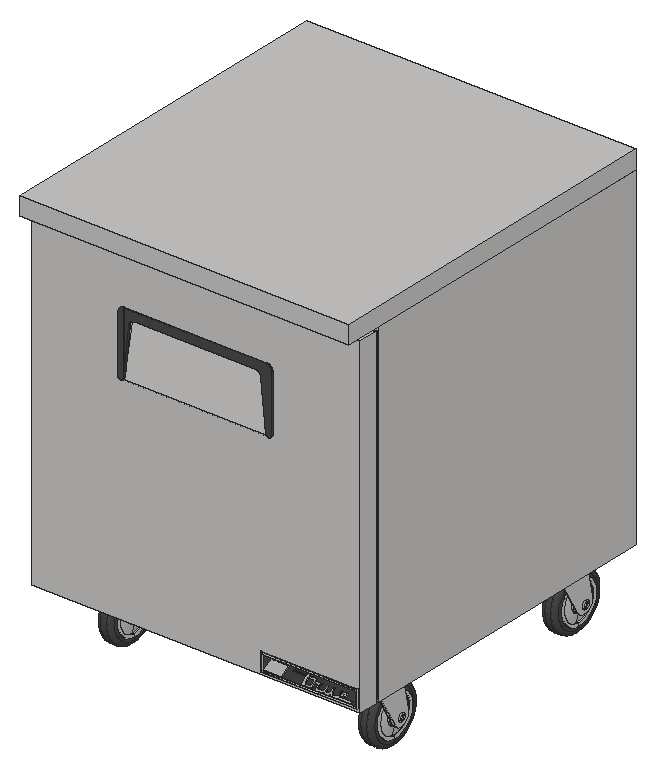
Revit family "QF_TRUE_TUC-27-HC_cat", category Specialty Equipment, Revit 2016
Family settings
  Part Type = Normal
  Round Connector Dimension = Use Diameter
  Work Plane-Based = No
  Always vertical = Yes
  Cut with Voids When Loaded = No
  Shared = Yes
  Room Calculation Point = No
Parameters
  Weight in Pounds = 195
  Watts = FL Amps * Volts  # 230 W
  Volts = 115 V
  URL Manufacturer = "www.truemfg.com"
  URL = "www.truemfg.com"
  Type Mark [instance] = ""
  Status [instance] = ""
  Specification by User [instance] = ""
  Specification by Manufacturer = ""
  Show Seismic Flanged [instance] = no
  Show Low Profile Model [instance] = no
  Show Logo [instance] = yes
  Show Legs [instance] = no
  Show Clearance [instance] = yes
  Show Default Model [instance] = and(not(Show Seismic Flanged), not(Show ADA Compliant Model), not(Show Low Profile Model), not(Show Legs))  # yes
  Show ADA Compliant Model [instance] = no
  Serial Number = ""
  Seismic Rating = ""
  Seismic Plate [instance] = and(not(Show Default Model), Show Seismic Flanged)  # no
  SMACNA No = ""
  Revision Code [instance] = ""
  Phase = 1
  Omniclass Number and Title = ""
  Number of Poles [instance] = 1
  NAFEM Spec ID Number = ""
  Model = "TUC-27-HC"
  Min Ckt Ampacity = 0 A
  Max Overcurrent Protection = 0 A
  MasterSpec. = ""
  Manufacturer = "TRUE"
  Low Profile [instance] = and(not(Show Default Model), Show Low Profile Model)  # no
  Length = 27 9/16"
  Legs [instance] = and(not(Show Default Model), or(Show Legs, Show Seismic Flanged))  # no
  Item Number [instance] = ""
  Installed By [instance] = ""
  Identify Quantity as Lot [instance] = yes
  Height = 35 15/16"
  HP = "1/6"
  Furnished By [instance] = ""
  Foodservice Equipment Identifier [instance] = yes
  FL Amps = 2 A
  Electrical Remarks [instance] = ""
  Electric Connection Type [instance] = ""
  Elec Conn RI Height [instance] = 0"
  Elec Conn Connection Height [instance] = 0"
  Description = "SOLID DOOR REFRIGERATOR WITH HYDROCARBON REFRIGERANT"
  Depth = 30 1/8"
  Cycle = 60 Hz
  Conn Plug = "NEMA 5-15P"
  Conn Conduit = yes
  CSI MasterFormat = ""
  CSI Master Format = ""
  Base Height [instance] = if(Show Default Model, 6 3/16", if(Legs, 6", if(ADA Compliant Model, 4 1/4", if(Show Low Profile Model, 2 1/8", 6 67/256"))))  # 6 3/16"
  Apparent Power = if(Phase = 3, Volts * FL Amps * 1.73, Volts * FL Amps)  # 230 VA
  ADA Compliant Model [instance] = and(not(Show Default Model), Show ADA Compliant Model)  # no
Reference planes (in)
  plane 1 "BACK": y = -16.5
  plane 2: z = 0
  plane 3 "LEFT": x = 0
  plane 4 "RIGHT": x = 27.5625
  plane 5 "FRONT": y = -47.625
  plane 6 "TOP": z = 35.9375
  plane 7: z = 6.1875
  plane 8: y = -72.40625
  plane 9: y = -46.65748
  plane 10: y = -17.5
  plane 11: y = -21.74082
  plane 12: x = 13.8125
  plane 13: y = -41.06531
Dimensions and locks (in)
  "Length": plane 3 "LEFT" to plane 4 "RIGHT"
  "Depth": plane 5 "FRONT" to plane 10
  "Base Height": plane 7 to level
  plane 1 "BACK" to plane 8 = 55 29/32"
  plane 9 to plane 5 "FRONT" = 0.96752"
  plane 10 to plane 9 = 29.15748"
  plane 4 "RIGHT" to plane 3 "LEFT" = 27 9/16"
  plane 4 "RIGHT" to nested 1 to nested 1 = 8.2372", 7 7/8"
  plane 7 to nested 1 = 1.69291"
  nested 1 to plane 7 = 1.69291"
  plane 8 to plane 5 "FRONT" to plane 10 to plane 1 "BACK" = 24 25/32", 30 1/8", 1"
  plane 8 to plane 1 "BACK" = 55 29/32"
  locked: plane 6 "TOP" to plane 7 at 29.75
  plane 6 "TOP" to level = 35 15/16"
  plane 1 "BACK" to plane 10 = 1"
  aligned and locked: level to plane 2
  aligned and locked: plane 3 "LEFT" to nested 1
  aligned and locked: plane 7 to nested 1
  aligned and locked: nested 1 to plane 7
Nested families (in)
  nested 1: "TUC-27F-HC-LD" at (0, 0, 2.1875), Show Logo <- "Show Logo", Show Clearance <- "Show Clearance", Show Casters <- "Show ADA Compliant Model", type "TUC-27F-HC-LD"
    with Show Logo yes, Show Clearance yes, Show Casters no
  nested 2: "CASTERS & LEGS" at (2.84375, -21.74082, 0), Legs <- "Legs", Seismic Plate <- "Seismic Plate", Show 4.25" Casters <- "ADA Compliant Model", type "CASTERS & LEGS"
    with Type Mark "", Status "", Specification by User "", Show 4.25" Casters no, Seismic Plate no, Revision Code "", Legs no, Item Number "", Installed By "", Identify Quantity as Lot yes, Furnished By "", Foodservice Equipment Identifier yes
  nested 3: "CASTERS & LEGS" at (24.71875, -21.74082, 0), Legs <- "Legs", Seismic Plate <- "Seismic Plate", Show 4.25" Casters <- "ADA Compliant Model", type "CASTERS & LEGS"
    with Type Mark "", Status "", Specification by User "", Show 4.25" Casters no, Seismic Plate no, Revision Code "", Legs no, Item Number "", Installed By "", Identify Quantity as Lot yes, Furnished By "", Foodservice Equipment Identifier yes
  nested 4: "CASTERS & LEGS" at (24.71875, -41.06531, 0), Legs <- "Legs", Seismic Plate <- "Seismic Plate", Show 4.25" Casters <- "ADA Compliant Model", type "CASTERS & LEGS"
    with Type Mark "", Status "", Specification by User "", Show 4.25" Casters no, Seismic Plate no, Revision Code "", Legs no, Item Number "", Installed By "", Identify Quantity as Lot yes, Furnished By "", Foodservice Equipment Identifier yes
  nested 5: "CASTERS & LEGS" at (2.84375, -41.06531, 0), Legs <- "Legs", Seismic Plate <- "Seismic Plate", Show 4.25" Casters <- "ADA Compliant Model", type "CASTERS & LEGS"
    with Type Mark "", Status "", Specification by User "", Show 4.25" Casters no, Seismic Plate no, Revision Code "", Legs no, Item Number "", Installed By "", Identify Quantity as Lot yes, Furnished By "", Foodservice Equipment Identifier yes
  nested 6: "6 INCHES 02_CASTER" at (2.84375, -41.06531, 0), Show Casters <- "Show Default Model", type "6 INCHES 02_CASTER"
    with Type Mark "", Specification by User "", Show Casters yes, Revision Code "", Item Number "", Installed By "", Identify Quantity as Lot yes, Furnished By "", Foodservice Equipment Identifier yes
  nested 7: "6 INCHES 02_CASTER" at (2.84375, -21.74082, 0), Show Casters <- "Show Default Model", type "6 INCHES 02_CASTER"
    with Type Mark "", Specification by User "", Show Casters yes, Revision Code "", Item Number "", Installed By "", Identify Quantity as Lot yes, Furnished By "", Foodservice Equipment Identifier yes
  nested 8: "6 INCHES 02_CASTER" at (24.71875, -41.06531, 0), Show Casters <- "Show Default Model", type "6 INCHES 02_CASTER"
    with Type Mark "", Specification by User "", Show Casters yes, Revision Code "", Item Number "", Installed By "", Identify Quantity as Lot yes, Furnished By "", Foodservice Equipment Identifier yes
  nested 9: "6 INCHES 02_CASTER" at (24.71875, -21.74082, 0), Show Casters <- "Show Default Model", type "6 INCHES 02_CASTER"
    with Type Mark "", Specification by User "", Show Casters yes, Revision Code "", Item Number "", Installed By "", Identify Quantity as Lot yes, Furnished By "", Foodservice Equipment Identifier yes
  nested 10: "LOW PROFILE CASTERS" at (2.84375, -21.74082, 0), Show Casters <- "Low Profile", type "LOW PROFILE CASTERS"
    with Type Mark "", Status "", Specification by User "", Show Casters no, Revision Code "", Item Number "", Installed By "", Identify Quantity as Lot yes, Furnished By "", Foodservice Equipment Identifier yes
  nested 11: "LOW PROFILE CASTERS" at (24.71875, -41.06531, 0), Show Casters <- "Low Profile", type "LOW PROFILE CASTERS"
    with Type Mark "", Status "", Specification by User "", Show Casters no, Revision Code "", Item Number "", Installed By "", Identify Quantity as Lot yes, Furnished By "", Foodservice Equipment Identifier yes
  nested 12: "LOW PROFILE CASTERS" at (2.84375, -41.06531, 0), Show Casters <- "Low Profile", type "LOW PROFILE CASTERS"
    with Type Mark "", Status "", Specification by User "", Show Casters no, Revision Code "", Item Number "", Installed By "", Identify Quantity as Lot yes, Furnished By "", Foodservice Equipment Identifier yes
  nested 13: "LOW PROFILE CASTERS" at (24.71875, -21.74082, 0), Show Casters <- "Low Profile", type "LOW PROFILE CASTERS"
    with Type Mark "", Status "", Specification by User "", Show Casters no, Revision Code "", Item Number "", Installed By "", Identify Quantity as Lot yes, Furnished By "", Foodservice Equipment Identifier yes
Connectors (in)
  electrical at (24.12821, -17.4375, 11.9375), driven by "Volts", driven by "Watts"
    settings: on nested 1, index 1, voltage 115 V, apparent load 230 VA, apparent load phase1 0 VA, apparent load phase2 0 VA, apparent load phase3 0 VA, power factor 1, load classification "Other", number of poles 1, system type 30, power factor state 1, is connector primary yes, connector utility no, sub classification motor no, connector description "ELECTRICAL CONNECTION"
Definition of nested family "TUC-27F-HC-LD"
  Parameters (values of type "TUC-27G-HC-LD-SPEC1")
    URL = ""
    Show Logo [instance] = yes
    Show Clearance [instance] = yes
    Show Casters [instance] = yes
    Model = ""
    Manufacturer = ""
    Description = ""
    Assembly Code = ""
  Reference planes (in)
    plane 1 "BACK": y = -16.5
    plane 2: z = 0
    plane 3 "LEFT": x = 0
    plane 4 "RIGHT": x = 27.6378
    plane 5 "FRONT": y = -48.19291
    plane 6 "TOP": z = 33.76378
    plane 7: z = 4
    plane 8: y = -41.06531
    plane 9: x = 13.8125
    plane 10: y = -17.5
    plane 11: y = -47.625
    plane 12: y = -49.49213
    plane 13: y = -72.625
    plane 14: z = 27.63
    plane 15: z = 22.15093
  Forms (in)
    Extrusion 1, solid
      sketch origin (0, -1, -2.25) x (0, 1, 0) y (0, 0, 1)
        loop
          line (-46.625, 36.01378) -> (-46.625, 34.5) -> (-16.5, 34.5) -> (-16.5, 36.01378) -> (-46.625, 36.01378)
      from 0 to 27.6378
    Extrusion 2, solid
      sketch origin (0, -1, -2.25) x (0, 1, 0) y (0, 0, 1)
        loop
          line (-18.5, 34.5) -> (-18.5, 6.25) -> (-16.5, 6.25) -> (-16.5, 34.5) -> (-18.5, 34.5)
      from 0 to 27.6378
    Extrusion 3, solid
      sketch origin (0, -13.375, -2.25) x (1, 0, 0) y (0, 0, 1)
        loop
          line (27.625, 6.25) -> (27.625, 34.28323) -> (0, 34.28323) -> (0, 6.25) -> (27.625, 6.25)
      from 31.44201 to 33.06791
    Extrusion 4, solid
      sketch origin (0, -16.5, -2.25) x (1, 0, 0) y (0, 0, 1)
        loop
          line (11.4503, 6.25) -> (11.4503, 4.55709) -> (19.3253, 4.55709) -> (19.3253, 6.25) -> (11.4503, 6.25)
      from 1.69409 to 25.59055
    Extrusion 5, solid
      sketch origin (-1.16554, -17.4375, -2.25) x (1, 0, 0) y (0, 0, 1)
        loop
          circle (25.29375, 12) r 0.25
      from 0 to 0.0625
    Revolve 6, solid
      sketch origin (0, -16.5155, 21) x (1, 0, 0) y (0, 1, 0)
        loop
          line (21.85203, -1.00812) -> (22.32078, -1.00812) -> (22.32078, 0.0155) -> (21.85203, 0.0155) -> (21.85203, -1.00812)
        axis (21.85203, -1.00812) -> (21.85203, 0.0155)
      angle from 0 to 360
    Revolve 7, solid
      sketch origin (-12.93057, -16.5155, 21) x (1, 0, 0) y (0, 1, 0)
        loop
          line (18.64104, -1.00812) -> (19.10979, -1.00812) -> (19.10979, 0.0155) -> (18.64104, 0.0155) -> (18.64104, -1.00812)
        axis (18.64104, -1.00812) -> (18.64104, 0.0155)
      angle from 0 to 360
    Extrusion 8, solid, visible <- "Show Clearance", detail levels coarse
      sketch origin (17.8682, -37.72639, 0) x (-1, 0, 0) y (0, -1, 0)
        loop
          line (-9.7568, 8.71653) -> (17.83136, 8.71653)
          arc (17.83136, 8.71653) -> (9.26611, 27.32206) -> (-9.7568, 34.91535) r 27.625
          line (-9.7568, 34.91535) -> (-9.7568, 8.71653)
      from 4 to 32.03323
    Extrusion 9, solid
      sketch origin (0, -13.375, -2.25) x (1, 0, 0) y (0, 0, 1)
        loop
          line (27.6378, 6.25) -> (27.6378, 34.5) -> (0, 34.5) -> (0, 6.25) -> (27.6378, 6.25)
        loop
          line (2, 32.28323) -> (2, 8.25) -> (25.625, 8.25) -> (25.625, 32.28323) -> (2, 32.28323)
      from 6.125 to 31.12
    Extrusion 10, solid
      sketch origin (0, -13.375, -2.25) x (1, 0, 0) y (0, 0, 1)
        loop
          line (27.5, 34.15823) -> (0.16184, 34.15823) -> (0.16184, 6.375) -> (27.5, 6.375) -> (27.5, 34.15823)
        loop
          line (1.875, 32.40823) -> (1.875, 8.125) -> (25.75, 8.125) -> (25.75, 32.40823) -> (1.875, 32.40823)
      from 31.44201 to 31.12
    Extrusion 11, void
      sketch origin (13.8125, -13.85001, 48) x (0, -1, 0) y (0, 0, 1)
        loop
          line (32.59291, -20.37) -> (31.52391, -20.37) -> (32.59291, -25.84907) -> (32.59291, -20.37)
      from -6 to 6
    Extrusion 12, solid
      sketch origin (1.8125, -46.44291, 0) x (1, 0, 0) y (0, 0, 1)
        loop
          line (5.52833, 27.13) -> (5.52833, 22.36054)
          arc (5.52833, 22.36054) -> (5.74774, 22.11831) -> (6.01044, 22.31274) r 0.24342
          line (6.01044, 22.31274) -> (6.44945, 26.42717)
          arc (6.44945, 26.42717) -> (6.61215, 26.74648) -> (6.94671, 26.87491) r 0.5
          line (6.94671, 26.87491) -> (17.05329, 26.87491)
          arc (17.05329, 26.87491) -> (17.38785, 26.74648) -> (17.55055, 26.42717) r 0.5
          line (17.55055, 26.42717) -> (17.98956, 22.31274)
          arc (17.98956, 22.31274) -> (18.25226, 22.11831) -> (18.47166, 22.36054) r 0.24342
          line (18.47166, 22.36054) -> (18.47166, 27.13)
          arc (18.47166, 27.13) -> (18.32522, 27.48356) -> (17.97166, 27.63) r 0.5
          line (17.97166, 27.63) -> (6.02833, 27.63)
          arc (6.02833, 27.63) -> (5.67478, 27.48356) -> (5.52833, 27.13) r 0.5
      from 0 to 0.0625
  Cuts and joins
    joined: Extrusion 2, Extrusion 9
    Extrusion 11 cuts Extrusion 3
    Extrusion 11 cuts Extrusion 8
  Lines and regions (in)
    symbolic lines
      curve 1: line (5.24172, -16.5, 0) -> (6.17922, -16.5, 0)
      curve 2: line (6.17922, -16.5, 0) -> (6.17922, -17.52362, 0)
      curve 3: line (5.24172, -16.5, 0) -> (5.24172, -17.52362, 0)
      curve 4: line (22.32078, -16.5, 0) -> (21.38328, -16.5, 0)
      curve 5: line (21.38328, -16.5, 0) -> (21.38328, -17.52362, 0)
      curve 6: line (22.32078, -16.5, 0) -> (22.32078, -17.52362, 0)
      curve 7: line (27.6378, -47.625, 0) -> (0, -47.625, 0)
      curve 8: line (27.6378, -17.5, 0) -> (27.6378, -47.625, 0)
      curve 9: line (0, -17.5, 0) -> (27.6378, -17.5, 0)
      curve 10: line (0, -47.625, 0) -> (0, -17.5, 0)
      curve 11: line (0.5, -47.625, 0) -> (0.5, -48.19291, 0)
      curve 12: line (0.5, -48.19291, 0) -> (1.5, -48.19291, 0)
      curve 13: line (1.5, -48.19291, 0) -> (1.5, -47.625, 0)
      curve 14: line (4.34253, -59.88506, 0) -> (25.57757, -47.625, 0)
      curve 15: arc (0.12341, -47.625, 0) -> (1.5035, -54.00606, 0) -> (4.34253, -59.88506, 0) r 27.625
  Dimensions and locks (in)
    plane 3 "LEFT" to plane 4 "RIGHT" = 27.6378"
    plane 4 "RIGHT" to plane 3 "LEFT" = 27.6378"
    plane 6 "TOP" to level = 33.76378"
    plane 5 "FRONT" to plane 1 "BACK" = 31.69291"
    plane 7 to level = 4"
    locked: plane 6 "TOP" to plane 7 at 29.76378  (x2)
    plane 4 "RIGHT" to Extrusion 4 to Extrusion 4 = 8 5/16", 7 7/8"
    plane 11 to plane 10 to plane 1 "BACK" = 30 1/8", 1"
    plane 13 to plane 1 "BACK" = 56 1/8"
    Extrusion 4 to plane 3 "LEFT" = 19.3253"
    Extrusion 4 sketch curve to plane 4 "RIGHT" = 8 5/16"
    plane 13 to plane 11 = 25"
    plane 10 to plane 11 = 30 1/8"
    plane 1 "BACK" to plane 13 = 56 1/8"
    aligned and locked: level to plane 2
    aligned and locked: plane 4 "RIGHT" to Extrusion 1
    aligned and locked: Extrusion 4 to Extrusion 3
  Nested families (in)
    nested 1: "QF_LOGO_TRUE" at (19.3253, -46.44291, 4.25), Show Logo <- "Show Logo", type "QF_LOGO_TRUE", detail levels medium+fine
      with Show Logo yes
  Definition of nested family "QF_LOGO_TRUE"
    Parameters (values of type "QF_LOGO_TRUE")
      Show Logo [instance] = yes
    Reference planes (in)
      plane 1 "Center (Front/Back)": y = 0
      plane 2: z = 0
      plane 3 "Center (Left/Right)": x = 0
    Forms (in)
      Extrusion 1, solid, visible <- "Show Logo"
        sketch origin (-78.34647, 34.76905, -30.51001) x (1, 0, 0) y (0, 0, 1)
          loop
            line (81.15226, 31.65456) -> (81.07353, 31.48573) -> (82.12083, 31.48573)
            arc (82.12083, 31.48573) -> (82.14208, 31.44814) -> (82.12083, 31.41055) r 0.04386
            line (82.12083, 31.41055) -> (81.84767, 30.82478)
            arc (81.84767, 30.82478) -> (81.84531, 30.77052) -> (81.882, 30.73048) r 0.07096
            line (81.882, 30.73048) -> (82.55165, 30.73048)
            arc (82.55165, 30.73048) -> (82.63621, 30.75714) -> (82.69019, 30.82748) r 0.14742
            line (82.69019, 30.82748) -> (82.90515, 31.28847) -> (83.10265, 31.28847)
            arc (83.10265, 31.28847) -> (83.15447, 31.26942) -> (83.14697, 31.21472) r 0.04405
            line (83.14697, 31.21472) -> (82.9671, 30.82899)
            arc (82.9671, 30.82899) -> (82.9699, 30.76493) -> (83.02398, 30.73048) r 0.06943
            line (83.02398, 30.73048) -> (83.6124, 30.73048)
            arc (83.6124, 30.73048) -> (83.65748, 30.74689) -> (83.68147, 30.78844) r 0.07014
            arc (83.68147, 30.78844) -> (83.69845, 30.74745) -> (83.73943, 30.73048) r 0.05796
            line (83.73943, 30.73048) -> (84.112, 30.73048)
            arc (84.112, 30.73048) -> (84.15504, 30.74201) -> (84.18655, 30.77352) r 0.08608
            arc (84.18655, 30.77352) -> (84.20164, 30.7371) -> (84.23806, 30.72202) r 0.0515
            line (84.23806, 30.72202) -> (84.76757, 30.72202)
            arc (84.76757, 30.72202) -> (84.81086, 30.73995) -> (84.8288, 30.78324) r 0.06122
            arc (84.8288, 30.78324) -> (84.86848, 30.74355) -> (84.92269, 30.72903) r 0.10842
            line (84.92269, 30.72903) -> (85.91461, 30.72903) -> (86.02479, 30.91987) -> (85.0243, 30.91987)
            arc (85.0243, 30.91987) -> (84.99669, 30.93902) -> (84.99566, 30.97261) r 0.03732
            line (84.99566, 30.97261) -> (85.01297, 31.00972)
            arc (85.01297, 31.00972) -> (85.03954, 31.04453) -> (85.0813, 31.05774) r 0.07263
            line (85.0813, 31.05774) -> (85.40289, 31.05774)
            arc (85.40289, 31.05774) -> (85.4723, 31.07633) -> (85.52311, 31.12715) r 0.13882
            line (85.52311, 31.12715) -> (85.61625, 31.28847)
            arc (85.61625, 31.28847) -> (85.61625, 31.37458) -> (85.54168, 31.41763) r 0.08611
            line (85.54168, 31.41763) -> (85.20227, 31.41763)
            arc (85.20227, 31.41763) -> (85.11574, 31.40294) -> (85.05538, 31.33923) r 0.13863
            line (85.05538, 31.33923) -> (84.89409, 30.99333)
            arc (84.89409, 30.99333) -> (84.84649, 30.9313) -> (84.77191, 30.90778) r 0.13002
            line (84.77191, 30.90778) -> (84.41984, 30.90778)
            arc (84.41984, 30.90778) -> (84.3777, 30.95378) -> (84.38042, 31.0161) r 0.08151
            line (84.38042, 31.0161) -> (84.56766, 31.41763) -> (84.44849, 31.41763) -> (84.25012, 30.99222)
            arc (84.25012, 30.99222) -> (84.21158, 30.94199) -> (84.15119, 30.92296) r 0.10527
            line (84.15119, 30.92296) -> (83.90842, 30.92296)
            arc (83.90842, 30.92296) -> (83.8674, 30.97642) -> (83.87619, 31.04323) r 0.08805
            line (83.87619, 31.04323) -> (84.05078, 31.41763) -> (83.92772, 31.41763) -> (83.72676, 30.98668)
            arc (83.72676, 30.98668) -> (83.68011, 30.94003) -> (83.61639, 30.92296) r 0.12745
            line (83.61639, 30.92296) -> (83.26484, 30.92296)
            arc (83.26484, 30.92296) -> (83.2017, 30.9524) -> (83.19563, 31.0218) r 0.06967
            line (83.19563, 31.0218) -> (83.31118, 31.26961) -> (83.47452, 31.26961)
            arc (83.47452, 31.26961) -> (83.50209, 31.35268) -> (83.56075, 31.41763) r 0.21289
            line (83.56075, 31.41763) -> (82.92244, 31.41763)
            arc (82.92244, 31.41763) -> (82.85151, 31.40191) -> (82.80242, 31.34834) r 0.12081
            line (82.80242, 31.34834) -> (82.6294, 30.9773)
            arc (82.6294, 30.9773) -> (82.58962, 30.93752) -> (82.53528, 30.92296) r 0.10869
            line (82.53528, 30.92296) -> (82.1542, 30.92296)
            arc (82.1542, 30.92296) -> (82.12446, 30.96315) -> (82.13012, 31.01283) r 0.06822
            line (82.13012, 31.01283) -> (82.38156, 31.48573) -> (83.01596, 31.48573) -> (83.09469, 31.65456) -> (82.46029, 31.65456) -> (82.53902, 31.8234) -> (82.31334, 31.8234) -> (82.23461, 31.65456) -> (81.15226, 31.65456)
          loop
            arc (85.15937, 31.26434) -> (85.13191, 31.25698) -> (85.1118, 31.23688) r 0.05494
            line (85.1118, 31.23688) -> (85.09547, 31.18665)
            arc (85.09547, 31.18665) -> (85.10304, 31.16837) -> (85.12133, 31.16079) r 0.02586
            line (85.12133, 31.16079) -> (85.39889, 31.16079)
            arc (85.39889, 31.16079) -> (85.41888, 31.16523) -> (85.43513, 31.1777) r 0.04731
            line (85.43513, 31.1777) -> (85.44863, 31.2402)
            arc (85.44863, 31.2402) -> (85.44466, 31.25693) -> (85.42914, 31.26434) r 0.01994
            line (85.42914, 31.26434) -> (85.15937, 31.26434)
          loop
            line (78.62961, 30.74125) -> (80.12032, 30.74125) -> (80.73891, 31.81268) -> (79.2482, 31.81268) -> (78.62961, 30.74125)
        from 34.76797 to 34.83173
      Extrusion 2, solid, visible <- "Show Logo"
        sketch origin (-142.84857, 34.75108, -33.3546) x (1, 0, 0) y (0, 0, 1)
          loop
            line (150.81107, 34.71978) -> (142.98607, 34.71978) -> (142.98607, 33.4921) -> (150.81107, 33.4921) -> (150.81107, 34.71978)
        from 34.75108 to 34.78125
      Extrusion 3, solid, visible <- "Show Logo"
        sketch origin (-142.84857, 34.75108, -33.3546) x (1, 0, 0) y (0, 0, 1)
          loop
            line (150.94857, 34.85727) -> (142.84857, 34.85727) -> (142.84857, 33.3546) -> (150.94857, 33.3546) -> (150.94857, 34.85727)
          loop
            line (142.98607, 34.71978) -> (142.98607, 33.4921) -> (150.81107, 33.4921) -> (150.81107, 34.71978) -> (142.98607, 34.71978)
        from 34.75108 to 34.81376
      Extrusion 4, solid, not visible
        sketch origin (121.45701, -16.5, 4.98235) x (1, 0, 0) y (0, 0, 1)
          loop
            line (25.20115, 35.89949) -> (25.20115, 33.96647) -> (30.95381, 33.96647) -> (30.95381, 35.89949) -> (25.20115, 35.89949)
        from 31.5 to 31.54261
      Extrusion 5, solid, not visible
        sketch origin (121.45701, -16.5, 4.98235) x (1, 0, 0) y (0, 0, 1)
          loop
            line (26.7387, 34.95472) -> (26.61492, 34.49276) -> (27.038, 34.49276)
            arc (27.038, 34.49276) -> (27.13117, 34.52484) -> (27.18485, 34.60749) r 0.15134
            arc (27.18485, 34.60749) -> (27.20396, 34.68138) -> (27.22435, 34.75493) r 4.37326
            arc (27.22435, 34.75493) -> (27.23458, 34.81765) -> (27.22435, 34.88037) r 0.1974
            arc (27.22435, 34.88037) -> (27.18247, 34.93579) -> (27.11563, 34.95472) r 0.10914
            line (27.11563, 34.95472) -> (26.7387, 34.95472)
          loop
            line (26.90201, 34.80638) -> (26.84645, 34.59903) -> (26.92855, 34.59903)
            arc (26.92855, 34.59903) -> (26.98205, 34.6185) -> (27.01051, 34.6678) r 0.08322
            line (27.01051, 34.6678) -> (27.02399, 34.74424)
            arc (27.02399, 34.74424) -> (27.01491, 34.78454) -> (26.97985, 34.80638) r 0.05353
            line (26.97985, 34.80638) -> (26.90201, 34.80638)
          loop
            line (27.45336, 34.66131) -> (27.76233, 34.66131) -> (27.78859, 34.73909)
            arc (27.78859, 34.73909) -> (27.7878, 34.82039) -> (27.73107, 34.87864) r 0.10925
            arc (27.73107, 34.87864) -> (27.68233, 34.8944) -> (27.63139, 34.89974) r 0.24595
            line (27.63139, 34.89974) -> (27.46708, 34.89974)
            arc (27.46708, 34.89974) -> (27.4068, 34.88073) -> (27.3535, 34.84677) r 0.2421
            arc (27.3535, 34.84677) -> (27.2897, 34.76363) -> (27.26702, 34.66131) r 0.2421
            line (27.26702, 34.66131) -> (27.26702, 34.54477)
            arc (27.26702, 34.54477) -> (27.31618, 34.4956) -> (27.38334, 34.47761) r 0.13431
            line (27.38334, 34.47761) -> (27.59054, 34.47761)
            arc (27.59054, 34.47761) -> (27.63459, 34.48281) -> (27.67622, 34.49812) r 0.18924
            line (27.67622, 34.49812) -> (27.73102, 34.61563)
            arc (27.73102, 34.61563) -> (27.68453, 34.59565) -> (27.63566, 34.58252) r 0.35376
            arc (27.63566, 34.58252) -> (27.55885, 34.56956) -> (27.48204, 34.58252) r 0.23415
            arc (27.48204, 34.58252) -> (27.44492, 34.61362) -> (27.45336, 34.66131) r 0.04838
          loop
            line (27.4842, 34.73042) -> (27.62012, 34.73042) -> (27.62621, 34.76496)
            arc (27.62621, 34.76496) -> (27.58961, 34.80242) -> (27.53739, 34.80638) r 0.0742
            arc (27.53739, 34.80638) -> (27.49747, 34.77773) -> (27.4842, 34.73042) r 0.0742
          loop
            line (27.91616, 34.97572) -> (27.78675, 34.49276) -> (27.98645, 34.49276) -> (28.11586, 34.97572) -> (27.91616, 34.97572)
          loop
            line (28.13678, 34.66131) -> (28.08755, 34.47761) -> (28.27134, 34.47761) -> (28.32056, 34.66131) -> (28.43674, 34.66131) -> (28.47974, 34.78864) -> (28.36519, 34.78864)
            arc (28.36519, 34.78864) -> (28.35733, 34.81649) -> (28.36921, 34.84288) r 0.04231
            arc (28.36921, 34.84288) -> (28.431, 34.8652) -> (28.49617, 34.85686) r 0.13988
            line (28.49617, 34.85686) -> (28.53544, 34.97317)
            arc (28.53544, 34.97317) -> (28.39725, 34.99096) -> (28.25905, 34.97317) r 0.54546
            arc (28.25905, 34.97317) -> (28.20849, 34.91994) -> (28.18197, 34.85147) r 0.1894
            line (28.18197, 34.85147) -> (28.17089, 34.78864) -> (28.11397, 34.78864) -> (28.07985, 34.66131) -> (28.13678, 34.66131)
          loop
            arc (28.74846, 34.89756) -> (28.65884, 34.88533) -> (28.56922, 34.89756) r 0.33455
            line (28.56922, 34.89756) -> (28.45669, 34.47761) -> (28.63593, 34.47761) -> (28.74846, 34.89756)
          loop
            arc (28.60398, 35.01195) -> (28.57699, 34.97173) -> (28.60398, 34.9315) r 0.04347
            line (28.60398, 34.9315) -> (28.75755, 34.9315)
            arc (28.75755, 34.9315) -> (28.78645, 34.96687) -> (28.77911, 35.01195) r 0.0556
            line (28.77911, 35.01195) -> (28.60398, 35.01195)
          loop
            line (28.95336, 34.66131) -> (29.26233, 34.66131) -> (29.28859, 34.73909)
            arc (29.28859, 34.73909) -> (29.2878, 34.82039) -> (29.23107, 34.87864) r 0.10925
            arc (29.23107, 34.87864) -> (29.18233, 34.8944) -> (29.13139, 34.89974) r 0.24595
            line (29.13139, 34.89974) -> (28.96708, 34.89974)
            arc (28.96708, 34.89974) -> (28.9068, 34.88073) -> (28.8535, 34.84677) r 0.2421
            arc (28.8535, 34.84677) -> (28.7897, 34.76363) -> (28.76702, 34.66131) r 0.2421
            line (28.76702, 34.66131) -> (28.76702, 34.54477)
            arc (28.76702, 34.54477) -> (28.81618, 34.4956) -> (28.88334, 34.47761) r 0.13431
            line (28.88334, 34.47761) -> (29.09054, 34.47761)
            arc (29.09054, 34.47761) -> (29.13459, 34.48281) -> (29.17622, 34.49812) r 0.18924
            line (29.17622, 34.49812) -> (29.23102, 34.61563)
            arc (29.23102, 34.61563) -> (29.18453, 34.59565) -> (29.13566, 34.58252) r 0.35376
            arc (29.13566, 34.58252) -> (29.05885, 34.56956) -> (28.98204, 34.58252) r 0.23415
            arc (28.98204, 34.58252) -> (28.94492, 34.61362) -> (28.95336, 34.66131) r 0.04838
          loop
            line (28.9842, 34.73042) -> (29.12012, 34.73042) -> (29.12621, 34.76496)
            arc (29.12621, 34.76496) -> (29.08961, 34.80242) -> (29.03739, 34.80638) r 0.0742
            arc (29.03739, 34.80638) -> (28.99747, 34.77773) -> (28.9842, 34.73042) r 0.0742
          loop
            line (29.41616, 34.97572) -> (29.28675, 34.49276) -> (29.48645, 34.49276) -> (29.61586, 34.97572) -> (29.41616, 34.97572)
          loop
            line (29.99836, 34.97572) -> (29.95192, 34.80242)
            arc (29.95192, 34.80242) -> (29.94473, 34.85705) -> (29.90102, 34.89059) r 0.07199
            arc (29.90102, 34.89059) -> (29.80023, 34.89941) -> (29.70251, 34.87322) r 0.29131
            arc (29.70251, 34.87322) -> (29.61806, 34.7652) -> (29.5896, 34.63108) r 0.30433
            line (29.5896, 34.63108) -> (29.5896, 34.55572)
            arc (29.5896, 34.55572) -> (29.61075, 34.50463) -> (29.66184, 34.48348) r 0.07224
            line (29.66184, 34.48348) -> (29.78537, 34.48348)
            arc (29.78537, 34.48348) -> (29.83854, 34.51313) -> (29.88504, 34.55243) r 0.31609
            line (29.88504, 34.55243) -> (29.86905, 34.49276) -> (30.05973, 34.49276) -> (30.18914, 34.97572) -> (29.99836, 34.97572)
          loop
            arc (29.84537, 34.75931) -> (29.79424, 34.71128) -> (29.77745, 34.64317) r 0.12371
            arc (29.77745, 34.64317) -> (29.80071, 34.59901) -> (29.85056, 34.59647) r 0.05045
            arc (29.85056, 34.59647) -> (29.90141, 34.64047) -> (29.92536, 34.7033) r 0.13769
            arc (29.92536, 34.7033) -> (29.90211, 34.75521) -> (29.84537, 34.75931) r 0.05543
          loop
            line (26.45047, 35.26762) -> (26.58211, 35.26762)
            arc (26.58211, 35.26762) -> (26.60467, 35.30821) -> (26.62126, 35.35157) r 0.3277
            arc (26.62126, 35.35157) -> (26.62714, 35.39992) -> (26.60877, 35.44503) r 0.09693
            arc (26.60877, 35.44503) -> (26.56454, 35.48868) -> (26.50462, 35.50516) r 0.12312
            arc (26.50462, 35.50516) -> (26.44158, 35.50565) -> (26.37854, 35.50546) r 5.76967
            arc (26.37854, 35.50546) -> (26.07462, 35.42923) -> (25.81045, 35.26076) r 0.97743
            line (25.81045, 35.26076) -> (25.85921, 35.26076)
            arc (25.85921, 35.26076) -> (26.08494, 35.39361) -> (26.3396, 35.45485) r 0.88817
            arc (26.3396, 35.45485) -> (26.41429, 35.44188) -> (26.47267, 35.39352) r 0.14748
            arc (26.47267, 35.39352) -> (26.48041, 35.32725) -> (26.45047, 35.26762) r 0.11636
          loop
            arc (26.35412, 35.17841) -> (26.19578, 35.0555) -> (26.00982, 34.98069) r 0.72453
            arc (26.00982, 34.98069) -> (25.9036, 34.95581) -> (25.79459, 34.9604) r 0.40201
            arc (25.79459, 34.9604) -> (25.7275, 34.98819) -> (25.69972, 35.05528) r 0.09488
            arc (25.69972, 35.05528) -> (25.71867, 35.12629) -> (25.77049, 35.17841) r 0.1425
            line (25.77049, 35.17841) -> (25.73665, 35.18748)
            arc (25.73665, 35.18748) -> (25.67632, 35.09876) -> (25.66924, 34.99171) r 0.20432
            arc (25.66924, 34.99171) -> (25.71443, 34.9227) -> (25.79473, 34.90384) r 0.11116
            arc (25.79473, 34.90384) -> (25.91172, 34.89904) -> (26.02716, 34.91862) r 0.56145
            arc (26.02716, 34.91862) -> (26.27675, 35.021) -> (26.49584, 35.17841) r 1.15683
            line (26.49584, 35.17841) -> (26.35412, 35.17841)
        from 31.54261 to 31.56272
    Dimensions and locks (in)
      aligned and locked: level to plane 2
      aligned and locked: Extrusion 2 to Extrusion 3  (x2)
      aligned and locked: Extrusion 2 sketch curve to Extrusion 3
Definition of nested family "6 INCHES 02_CASTER"
  Parameters (values of type "6 INCHES 02_CASTER")
    Weight = ""
    URL Manufacturer = ""
    URL Cutsheet = ""
    URL = ""
    Type Mark [instance] = ""
    Specification by User [instance] = ""
    Specification by Manufacturer = ""
    Show Casters [instance] = yes
    Serial Number = ""
    Seismic Rating = ""
    SMACNA No = ""
    Revision Code [instance] = ""
    Omniclass Number and Title = ""
    NAFEM Spec ID Number = ""
    Model = ""
    MasterSpec. = ""
    Manufacturer = ""
    Item Number [instance] = ""
    Installed By [instance] = ""
    Identify Quantity as Lot [instance] = yes
    Furnished By [instance] = ""
    Foodservice Equipment Identifier [instance] = yes
    Description = ""
    CSI MasterFormat = ""
    CSI Master Format = ""
  Reference planes (in)
    plane 1 "BACK": y = 0
    plane 2: z = 0
    plane 3 "LEFT": x = 0
    plane 4 "RIGHT": x = 0
    plane 5 "FRONT": y = 0
    plane 6 "TOP": z = 6.25
  Forms (in)
    Revolve 1, solid, visible <- "Show Casters"
      sketch origin (-2.21793, 0, -0.25) x (-1, 0, 0) y (0, 0, 1)
        loop
          line (-2.21793, 6) -> (-2.21793, 5.55584) -> (-0.93693, 5.55584) -> (-0.93693, 6) -> (-2.21793, 6)
        axis (-2.21793, 5.55584) -> (-2.21793, 6)
      angle from 0 to 360
    Extrusion 2, solid, visible <- "Show Casters"
      sketch origin (0.25594, 2.08988, -0.1875) x (0, 1, 0) y (0, 0, 1)
        loop
          line (-3.37793, 5.49334) -> (-3.37793, 5.24334) -> (-1.67236, 2.30765)
          arc (-1.67236, 2.30765) -> (-0.65502, 1.97635) -> (-0.25363, 2.96812) r 0.78437
          line (-0.25363, 2.96812) -> (-0.80182, 5.49334) -> (-3.37793, 5.49334)
      from 0.78968 to 0.90247
    Extrusion 3, solid, visible <- "Show Casters"
      sketch origin (0, 0, 5.75) x (0, 1, 0) y (-1, 0, 0)
        loop
          circle (0, 0) r 0.75
      from 0 to 0.5
    Extrusion 4, solid, visible <- "Show Casters"
      sketch origin (-0.25594, 2.08988, -0.1875) x (0, 1, 0) y (0, 0, -1)
        loop
          line (-3.37793, -5.24334) -> (-3.37793, -5.49334) -> (-0.80182, -5.49334) -> (-0.25363, -2.96812)
          arc (-0.25363, -2.96812) -> (-0.65502, -1.97635) -> (-1.67236, -2.30765) r 0.78437
          line (-1.67236, -2.30765) -> (-3.37793, -5.24334)
      from 0.78968 to 0.90247
    Extrusion 5, solid, visible <- "Show Casters"
      sketch origin (0, -0.12806, 0.75) x (0, 1, 0) y (0, 0, 1)
        loop
          line (-1.16, 4.55584) -> (-1.16, 4.30584) -> (1.41611, 4.30584) -> (1.41611, 4.55584) -> (-1.16, 4.55584)
      from -1.04562 to 1.04562
    Revolve 6, solid, visible <- "Show Casters"
      sketch origin (-1.9375, 1.11772, -0.12802) x (1, 0, 0) y (0, 0, 1)
        loop
          line (0.5843, 2.5666) -> (0.5843, 2.4286) -> (0.6343, 2.3786) -> (0.6943, 2.3786) -> (0.6943, 2.2429) -> (1.1725, 2.2429) -> (1.1725, 1.84743) -> (1.30191, 1.77271) -> (1.42647, 1.00302) -> (1.28125, 1.00302) -> (1.28125, 0.75302) -> (1.3125, 0.75302) -> (1.3125, 0.50302)
          arc (1.3125, 0.50302) -> (1.42233, 0.23785) -> (1.6875, 0.12802) r 0.375
          line (1.6875, 0.12802) -> (2.1875, 0.12802)
          arc (2.1875, 0.12802) -> (2.45267, 0.23785) -> (2.5625, 0.50302) r 0.375
          line (2.5625, 0.50302) -> (2.5625, 0.75302) -> (2.59375, 0.75302) -> (2.59375, 1.00302) -> (2.44853, 1.00302) -> (2.57366, 1.77622) -> (2.7025, 1.85061) -> (2.7025, 2.2429) -> (3.1807, 2.2429) -> (3.1807, 2.3786) -> (3.2407, 2.3786) -> (3.2907, 2.4286) -> (3.2907, 2.5666) -> (0.5843, 2.5666)
        axis (0.5843, 2.5666) -> (3.2907, 2.5666)
      angle from 0 to 360
  Cuts and joins
    joined: Extrusion 2, Extrusion 4, Extrusion 5
  Lines and regions (in)
    symbolic lines, visible <- "Show Casters"
      curve 1: line (0.45873, 2.04243, 0) -> (1.54127, 1.41743, 0)
      curve 2: line (-1.54127, -1.42167, 0) -> (-0.79127, -0.12263, 0)
      curve 3: line (-0.45873, -2.04667, 0) -> (-1.54127, -1.42167, 0)
      curve 4: line (1.54127, 1.41743, 0) -> (0.79127, 0.11839, 0)
      curve 5: line (-0.29127, 0.74339, 0) -> (0.45873, 2.04243, 0)
      curve 6: line (0.29127, -0.74763, 0) -> (-0.45873, -2.04667, 0)
  Dimensions and locks (in)
    plane 6 "TOP" to level = 6 1/4"  (x2)
    aligned and locked: level to plane 2
Definition of nested family "CASTERS & LEGS"
  Parameters
    Weight = ""
    URL Manufacturer = ""
    URL Cutsheet = ""
    URL = ""
    Type Mark [instance] = ""
    Status [instance] = ""
    Specification by User [instance] = ""
    Specification by Manufacturer = ""
    Show 4.25" Casters [instance] = yes
    Serial Number = ""
    Seismic Rating = ""
    Seismic Plate [instance] = yes
    SMACNA No = ""
    Revision Code [instance] = ""
    Omniclass Number and Title = ""
    NAFEM Spec ID Number = ""
    Model = ""
    MasterSpec. = ""
    Manufacturer = ""
    Legs [instance] = yes
    Item Number [instance] = ""
    Installed By [instance] = ""
    Identify Quantity as Lot [instance] = yes
    Furnished By [instance] = ""
    Foodservice Equipment Identifier [instance] = yes
    Description = ""
    CSI MasterFormat = ""
    CSI Master Format = ""
    Assembly Code = ""
  Reference planes (in)
    plane 1: z = 0
    plane 2 "RIGHT": x = 0
    plane 3 "FRONT": y = 0
    plane 4 "TOP": z = 4.25
  Forms (in)
    Revolve 1, solid, visible <- "Show 4.25" Casters"
      sketch origin (-1.93794, 0.83816, -1.0041) x (1, 0, 0) y (0, 0, 1)
        loop
          line (0.74055, 2.2541) -> (3.15007, 2.2541) -> (3.15007, 2.3296) -> (3.10007, 2.3796) -> (3.04007, 2.3796) -> (3.04007, 2.49967) -> (2.62438, 2.49967) -> (2.62438, 2.68884) -> (2.48438, 2.76967) -> (2.45908, 2.92597) -> (2.51563, 2.92597) -> (2.51563, 3.16035) -> (2.48438, 3.16035) -> (2.48438, 3.5041) -> (1.375, 3.5041) -> (1.375, 3.16035) -> (1.34375, 3.16035) -> (1.34375, 2.92597) -> (1.4003, 2.92597) -> (1.37557, 2.77318) -> (1.235, 2.69202) -> (1.235, 2.49967) -> (0.85055, 2.49967) -> (0.85055, 2.3796) -> (0.79055, 2.3796) -> (0.74055, 2.3296) -> (0.74055, 2.2541)
        axis (0.74055, 2.2541) -> (3.15007, 2.2541)
      angle from 0 to 360
    Extrusion 2, solid, visible <- "Show 4.25" Casters"
      sketch origin (-1.93794, 1.80294, -2.0666) x (0, 1, 0) y (0, 0, 1)
        loop
          line (-3.08794, 5.65497) -> (-3.08794, 5.00584) -> (-2.69466, 5.00584)
          arc (-2.69466, 5.00584) -> (-1.57175, 4.94895) -> (-0.46376, 4.75787) r 9.36411
          arc (-0.46376, 4.75787) -> (-0.05889, 4.58436) -> (0.28335, 4.30705) r 1.60049
          line (0.28335, 4.30705) -> (0.34449, 4.39437)
          arc (0.34449, 4.39437) -> (0.12713, 4.6163) -> (-0.1239, 4.79931) r 1.8753
          line (-0.1239, 4.79931) -> (-0.05749, 4.91421)
          arc (-0.05749, 4.91421) -> (-0.33807, 5.05694) -> (-0.64294, 5.13542) r 1.44292
          line (-0.64294, 5.13542) -> (-0.64294, 5.65497) -> (-3.08794, 5.65497)
      from 1.1267 to 2.74918
    Revolve 3, solid, visible <- "Show 4.25" Casters"
      sketch origin (0, 2.15543, -2) x (0, 1, 0) y (0, 0, 1)
        loop
          line (-2.21793, 6.25) -> (-2.21793, 5.58837) -> (-1.05793, 5.58837) -> (-1.05793, 6.25) -> (-2.21793, 6.25)
        axis (-2.21793, 5.58837) -> (-2.21793, 6.25)
      angle from 0 to 360
    Extrusion 4, solid, visible <- "Show 4.25" Casters"
      sketch origin (-1.93794, 1.80294, -1.7541) x (0, 1, 0) y (0, 0, 1)
        loop
          line (-3.08794, 5.34247) -> (-3.08794, 4.69334) -> (-2.8913, 4.69334)
          arc (-2.8913, 4.69334) -> (-2.07295, 4.01416) -> (-1.45681, 3.14736) r 4.10005
          arc (-1.45681, 3.14736) -> (-0.85703, 2.75969) -> (-0.4561, 3.35069) r 0.5107
          arc (-0.4561, 3.35069) -> (-0.24532, 3.85516) -> (0.28335, 3.99455) r 0.61749
          line (0.28335, 3.99455) -> (0.34449, 4.08187)
          arc (0.34449, 4.08187) -> (0.12713, 4.3038) -> (-0.1239, 4.48681) r 1.8753
          line (-0.1239, 4.48681) -> (-0.05749, 4.60171)
          arc (-0.05749, 4.60171) -> (-0.33807, 4.74444) -> (-0.64294, 4.82292) r 1.44292
          line (-0.64294, 4.82292) -> (-0.64294, 5.34247) -> (-3.08794, 5.34247)
      from 2.74918 to 2.90825
    Extrusion 5, solid, visible <- "Show 4.25" Casters"
      sketch origin (1.93794, 1.80294, -1.7541) x (0, 1, 0) y (0, 0, -1)
        loop
          arc (-0.4561, -3.35069) -> (-0.85703, -2.75969) -> (-1.45681, -3.14736) r 0.5107
          arc (-1.45681, -3.14736) -> (-2.07295, -4.01416) -> (-2.8913, -4.69334) r 4.10005
          line (-2.8913, -4.69334) -> (-3.08794, -4.69334) -> (-3.08794, -5.34247) -> (-0.64294, -5.34247) -> (-0.64294, -4.82292)
          arc (-0.64294, -4.82292) -> (-0.33807, -4.74444) -> (-0.05749, -4.60171) r 1.44292
          line (-0.05749, -4.60171) -> (-0.1239, -4.48681)
          arc (-0.1239, -4.48681) -> (0.12713, -4.3038) -> (0.34449, -4.08187) r 1.8753
          line (0.34449, -4.08187) -> (0.28335, -3.99455)
          arc (0.28335, -3.99455) -> (-0.24532, -3.85516) -> (-0.4561, -3.35069) r 0.61749
      from 2.74918 to 2.90825
    Extrusion 6, solid, visible <- "Seismic Plate"
      sketch origin (30.22541, -24.4251, 0) x (-1, 0, 0) y (0, -1, 0)
        loop
          circle (30.22541, -24.4251) r 1.5
      from 0 to 0.3125
    Revolve 7, solid, visible <- "Legs"
      sketch origin (-2, 0, 0) x (1, 0, 0) y (0, 0, -1)
        loop
          line (2, -6) -> (2, 0) -> (1.5, 0) -> (1.5, -1) -> (1.25, -1) -> (0.53856, -6) -> (2, -6)
        axis (2, 0) -> (2, -6)
      angle from 0 to 360
  Cuts and joins
    joined: Extrusion 2, Extrusion 4, Extrusion 5
  Lines and regions (in)
    symbolic lines, visible <- "Show 4.25" Casters"
      curve 1: line (0.28481, 1.83041, 0) -> (1.24556, 1.27572, 0)
      curve 2: line (-1.26206, -0.84886, 0) -> (0.28481, 1.83041, 0)
      curve 3: line (-0.30132, -1.40355, 0) -> (-1.26206, -0.84886, 0)
      curve 4: line (1.24556, 1.27572, 0) -> (-0.30132, -1.40355, 0)
  Dimensions and locks (in)
    plane 4 "TOP" to level = 4 1/4"  (x2)
    aligned and locked: level to plane 1
Definition of nested family "LOW PROFILE CASTERS"
  Parameters
    Weight = ""
    URL Manufacturer = ""
    URL Cutsheet = ""
    URL = ""
    Type Mark [instance] = ""
    Status [instance] = ""
    Specification by User [instance] = ""
    Specification by Manufacturer = ""
    Show Casters [instance] = yes
    Serial Number = ""
    Seismic Rating = ""
    SMACNA No = ""
    Revision Code [instance] = ""
    Omniclass Number and Title = ""
    NAFEM Spec ID Number = ""
    Model = ""
    MasterSpec. = ""
    Manufacturer = ""
    Item Number [instance] = ""
    Installed By [instance] = ""
    Identify Quantity as Lot [instance] = yes
    Furnished By [instance] = ""
    Foodservice Equipment Identifier [instance] = yes
    Description = ""
    CSI MasterFormat = ""
    CSI Master Format = ""
  Reference planes (in)
    plane 1 "BACK": y = 0
    plane 2: z = 0
    plane 3 "LEFT": x = 0
    plane 4 "RIGHT": x = 48
    plane 5 "FRONT": y = -48
    plane 6 "TOP": z = 2.125
    plane 7: z = 0.98438
  Forms (in)
    Revolve 1, solid, visible <- "Show Casters"
      sketch origin (-1.93794, 0.71343, -1.5) x (1, 0, 0) y (0, 0, 1)
        loop
          line (1.17906, 2.17969) -> (1.17906, 2.05469) -> (1.44663, 2.05469) -> (1.44663, 1.63356)
          arc (1.44663, 1.63356) -> (1.48575, 1.53912) -> (1.58019, 1.5) r 0.13356
          line (1.58019, 1.5) -> (1.76381, 1.5)
          arc (1.76381, 1.5) -> (1.85825, 1.53912) -> (1.89737, 1.63356) r 0.13356
          line (1.89737, 1.63356) -> (1.89737, 2.05469) -> (1.97851, 2.05469) -> (1.97851, 1.63356)
          arc (1.97851, 1.63356) -> (2.01763, 1.53912) -> (2.11207, 1.5) r 0.13356
          line (2.11207, 1.5) -> (2.29569, 1.5)
          arc (2.29569, 1.5) -> (2.39013, 1.53912) -> (2.42925, 1.63356) r 0.13356
          line (2.42925, 1.63356) -> (2.42925, 2.05469) -> (2.69682, 2.05469) -> (2.69682, 2.17969) -> (1.17906, 2.17969)
        axis (1.17906, 2.17969) -> (2.69682, 2.17969)
      angle from 0 to 360
    Extrusion 2, solid, visible <- "Show Casters"
      sketch origin (-1.43794, 2.21793, -2.80325) x (0, 1, 0) y (0, 0, 1)
        loop
          line (-2.98884, 4.55325) -> (-2.98884, 3.98928) -> (-1.75639, 3.18891)
          arc (-1.75639, 3.18891) -> (-1.29435, 3.17076) -> (-1.05793, 3.56814) r 0.45218
          line (-1.05793, 3.56814) -> (-1.05793, 4.55325) -> (-2.98884, 4.55325)
      from 0.78968 to 0.90247
    Extrusion 3, solid, visible <- "Show Casters"
      sketch origin (-0.24406, 2.21793, -2.80325) x (0, 1, 0) y (0, 0, 1)
        loop
          line (-2.98884, 4.55325) -> (-2.98884, 3.98928) -> (-1.75639, 3.18891)
          arc (-1.75639, 3.18891) -> (-1.29435, 3.17076) -> (-1.05793, 3.56814) r 0.45218
          line (-1.05793, 3.56814) -> (-1.05793, 4.55325) -> (-2.98884, 4.55325)
      from 0.78968 to 0.90247
    Revolve 4, solid, visible <- "Show Casters"
      sketch origin (0, 2.21793, -4) x (0, 1, 0) y (0, 0, 1)
        loop
          line (-2.21793, 6.125) -> (-2.21793, 5.75) -> (-1.46793, 5.75) -> (-1.46793, 6.125) -> (-2.21793, 6.125)
        axis (-2.21793, 5.75) -> (-2.21793, 6.125)
      angle from 0 to 360
    Extrusion 5, solid, visible <- "Show Casters"
      sketch origin (-1.93794, 2.21793, -4) x (0, 1, 0) y (0, 0, 1)
        loop
          line (-2.98884, 5.75) -> (-2.98884, 5.46776) -> (-1.05793, 5.46776) -> (-1.05793, 5.75) -> (-2.98884, 5.75)
      from 1.40247 to 2.48356
  Lines and regions (in)
    symbolic lines, visible <- "Show Casters"
      curve 1: line (0.1802, 1.09251, 0) -> (0.82972, 0.71751, 0)
      curve 2: line (-0.8198, -0.63954, 0) -> (0.1802, 1.09251, 0)
      curve 3: line (-0.17028, -1.01454, 0) -> (-0.8198, -0.63954, 0)
      curve 4: line (0.82972, 0.71751, 0) -> (-0.17028, -1.01454, 0)
  Dimensions and locks (in)
    plane 6 "TOP" to level = 2 1/8"  (x2)
    aligned and locked: level to plane 2
